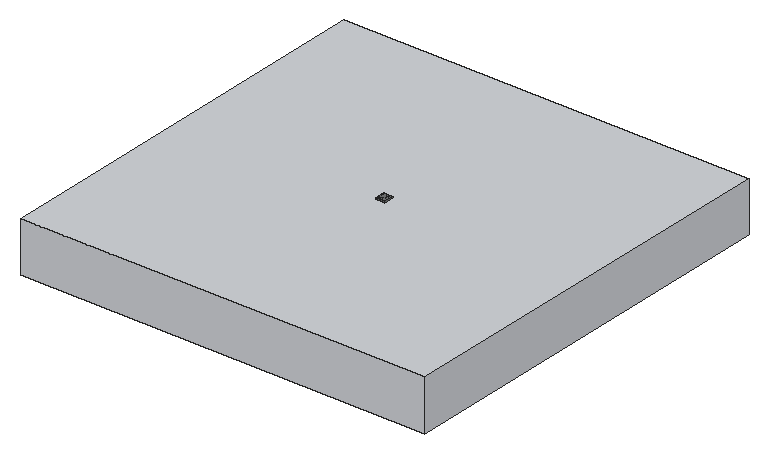
Revit family "Gira_039603", category Elektroinstallationen, Revit 2017
Family settings
  Basisbauteil = Fläche
  Beschriftungsausrichtung beibehalten = Nein
  Bemaßung runder Anschluss = Durchmesser verwenden
  Teiletyp = Normal
  Beim Laden mit Abzugskörper schneiden = Nein
  Gemeinsam genutzt = Nein
  Raumberechnungspunkt = Nein
Parameters (values of type "Rocker set 3-g in.sp. System 55 clear/p.white")
  With tap water circuit = no
  With sound indicator = no
  With receiver = no
  With label area = no
  With heating = no
  With exchangeable lens/symbol = no
  With display = no
  With DCF77 = no
  Weather station = no
  Utilization = "Switch/push button"
  URL = "https://www.gira.de/"
  Typname = "RTC 230/5 (2) 2-way m-c System 55 p.white"
  Type of power supply = "230 V AC"
  Type of fastening = "Clamp mounting"
  Transparent = no
  Thermal feedback = "None"
  Temperature readable = no
  Surface protection = "Other"
  Surface finishing = "Not applicable"
  Suitable for touch sensor connector for bus system = no
  Suitable for degree of protection (IP) = "IP20"
  Sensor/feeler type = "Other"
  Scannable symbol / barrier free = no
  RAL-number (akin) = 9010
  RAL-number = 9010
  Productwebsite = "http://katalog.gira.de/en/datenblatt.html?artikelnr=039603"
  Other bus systems = "None"
  Operation = "Turn"
  Number of channels = 3
  Mounting method = "Flush mounted (plaster)"
  Monitoring window/light outlet = yes
  Model = "On/Off"
  Measuring range minimum value [m/s] = 5
  Measuring range maximum value [m/s] = 30
  Material quality = "Other"
  Material = "Other"
  Imprint/indication = "Without imprint"
  Hersteller = "Gira"
  Heating = yes
  Halogen free = yes
  HAN = "039603"
  GTIN = "4010337396031"
  External sensor = no
  Explosion-proof = no
  Degree of protection (IP) = "IP20"
  Data sheet = "https://katalog.gira.de/en/download.html?artikelnr=039603"
  Cooling = no
  Control characteristic = "Other"
  Contact type = "Change-over contact"
  Connection = "Two-wire"
  Colour = "Clear white"
  Bus system radio frequent = no
  Bus system Powernet = no
  Bus system LON = no
  Bus system KNX radio = no
  Bus system KNX = yes
  Bus connection included = no
  Beschreibung = "RTC 230V 2-w m-c Sys55 PW,Room temperature controller 230 5 (2) A~ with 2-way switch,System 55,pure white glossy,Notes :,- For screw mounting only.,- Flat design."
  Bauelement = "Sys55_Abdeckung_Schalten und Tasten"
  Default Elevation = 1219.2 mm
  BIM = "https://media.stage.bim.site/public/gira/ad86d9f/Sys55_Abdeckung_Schalten%20und%20Tasten.rfa?public/gira/ad86d9f/Sys55_Abdeckung_Schalten und Tasten.rfa"
  Anthrazit [instance] = Anthrazit
  Analogue input = no
  Adjustable differential = no
  Acoustic signal = yes
Types (2, lengths in mm): name | Bauelement
  Rocker set 3-g in.sp. System 55 clear/p.white | "Sys55_Abdeckung_Schalten und Tasten"
  Sys55_Abdeckung_Schalten und Tasten | 0
Reference planes
  plane 1 "Center (Front/Back)": y = 0
  plane 2: z = 0
  plane 3 "Center (Left/Right)": x = 0
Forms (mm)
  Extrusion 1, solid
    sketch origin (0, 0, 0) x (1, 0, 0) y (0, 1, 0)
      loop
        line (-1219.2, 1219.2) -> (-1219.2, -1219.2) -> (1219.2, -1219.2) -> (1219.2, 1219.2) -> (-1219.2, 1219.2)
    from 0 to -304.8
  Extrusion 2, solid, material "Anthrazit" <- "Anthrazit", detail levels fine
    sketch origin (0, 0, 0) x (1, 0, 0) y (0, 1, 0)
      loop
        line (-27.5, 27.5) -> (-27.5, -27.5) -> (27.5, -27.5) -> (27.5, 27.5) -> (-27.5, 27.5)
    from 0 to 8
  Extrusion 3, void
    sketch origin (0, 0, 0) x (1, 0, 0) y (0, 1, 0)
      loop
        line (26, 26) -> (-26, 26) -> (-26, -26) -> (26, -26) -> (26, 26)
    from 0 to 6
  Extrusion 4, solid, material "Anthrazit" <- "Anthrazit", detail levels medium
    sketch origin (0, 0, 0) x (1, 0, 0) y (0, 1, 0)
      loop
        line (-27.5, 27.5) -> (-27.5, -27.5) -> (27.5, -27.5) -> (27.5, 27.5) -> (-27.5, 27.5)
    from 0 to 8
  Extrusion 5, solid, material "Anthrazit" <- "Anthrazit", detail levels medium
    sketch origin (0, 0, 0) x (1, 0, 0) y (0, 1, 0)
      loop
        line (11, -17.5) -> (11, 17.5) -> (-11, 17.5) -> (-11, -17.5) -> (11, -17.5)
    from -6 to 6
  Extrusion 6, solid, material "Anthrazit" <- "Anthrazit", detail levels fine
    sketch origin (0, 0, 0) x (1, 0, 0) y (0, 1, 0)
      loop
        line (11, 17.5) -> (-11, 17.5) -> (-11, 16.5) -> (11, 16.5) -> (11, 17.5)
      loop
        line (-11, -16.5) -> (-11, -17.5) -> (11, -17.5) -> (11, -16.5) -> (-11, -16.5)
    from -4 to 6
  Extrusion 7, solid, material "Anthrazit" <- "Anthrazit", detail levels fine
    sketch origin (0, 0, 0) x (1, 0, 0) y (0, 1, 0)
      loop
        arc (5, 9.347) -> (0, 10.6) -> (-5, 9.347) r 10.6
        line (-5, 9.347) -> (-5, -9.347)
        arc (-5, -9.347) -> (0, -10.6) -> (5, -9.347) r 10.6
        line (5, -9.347) -> (5, 9.347)
    from -6 to 6
  Extrusion 8, solid, material "Anthrazit" <- "Anthrazit", detail levels coarse
    sketch origin (0, 0, 0) x (1, 0, 0) y (0, 1, 0)
      loop
        line (-27.5, 27.5) -> (-27.5, -27.5) -> (27.5, -27.5) -> (27.5, 27.5) -> (-27.5, 27.5)
    from -6 to 8
Cuts and joins
  Extrusion 3 cuts Extrusion 2
Dimensions and locks
  aligned and locked: plane 2 to Extrusion 1
  aligned and locked: level to Extrusion 1
